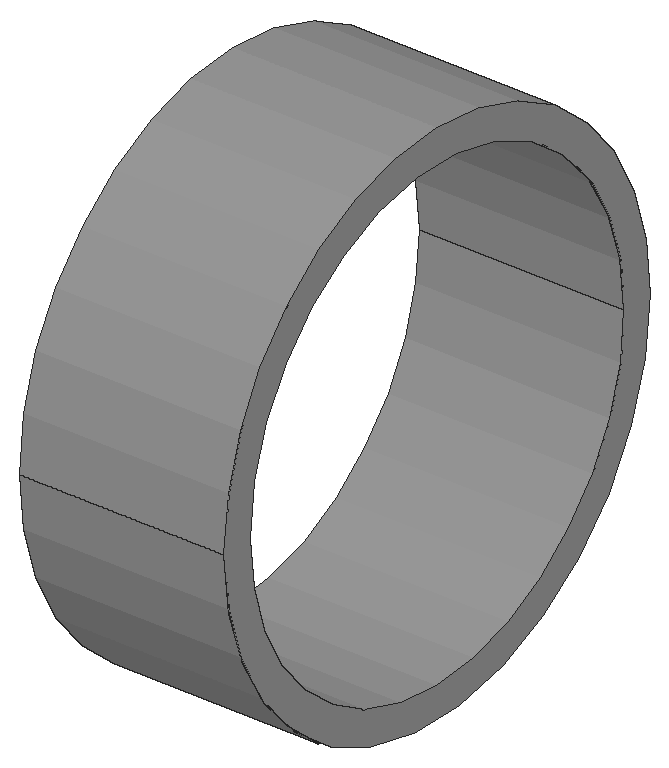
Revit family "PAM-GLOBAL® Хомут Соединительный RAPID-S-W2  (Фланец)", category Соединительные детали трубопроводов, Revit 2015
Parameters (values of type "PAM-GLOBAL® Хомут Соединительный RAPID-S-W2")
  Таблица коэффициентов K = "Converging/Diverging Tee/Wye"
  Размер засечки [instance] = Наружный диаметр фитинга * 0.4  # 44 mm
  Поиск в таблице имен = "M_Coupling - PVC - Sch 40 - DWV"
  Номинальный радиус [instance] = 50 mm
  Номинальный диаметр [instance] = Номинальный радиус * 2  # 100 mm
  Наружный радиус фитинга [instance] = Наружный диаметр фитинга / 2  # 55 mm
  Наружный радиус муфты [instance] = Наружный диаметр муфты / 2  # 62.5 mm
  Наружный диаметр фитинга [instance] = size_lookup(Поиск в таблице имен, "FOD", 1.04 * Номинальный диаметр + 9.1 mm, Номинальный диаметр)  # 110 mm
  Наружный диаметр муфты [instance] = size_lookup(Поиск в таблице имен, "WThk", 0.02 * Номинальный диаметр + 3.3 mm, Номинальный диаметр)  # 125 mm
  Метод определения потерь = Табличный коэффициент K
  Материал = Нержавеющая сталь 1.4510/11
  Код по классификатору = "01 21 10 00"
  Изготовитель = "PAM-GLOBAL (Инрусстрейд)"
  Длина [instance] = size_lookup(Поиск в таблице имен, "Lgt", 1.07 * Номинальный диаметр - 7.8 mm, Номинальный диаметр)  # 48 mm
  Диаметр муфты на входе [instance] = size_lookup(Поиск в таблице имен, "SED", 1.04 * Номинальный диаметр + 9.4 mm, Номинальный диаметр)  # 110 mm
  Артикул [instance] = size_lookup(Поиск в таблице имен, "", "Неопределено", Номинальный диаметр)  # "210427"
  URL = "https://inrusstrade.ru/ru/categories/16/series/41/groups/64"
Reference planes
  plane 1 "По центру (Вперед/Назад)": y = 0
  plane 2: z = 0
  plane 3 "По центру (Влево/Вправо)": x = 0
  plane 4: x = -24
  plane 5: x = 24
  plane 6 "Вход": x = 0
  plane 7 "Выход": x = 0
Forms (mm)
  Sweep 1, solid, material "Нержавеющая сталь 1.4510/11" <- "Материал", detail levels medium+fine
    path in 3D
      loop
        line (-24, 0, 0) -> (24, 0, 0)
    profile origin (0, 0, 0) x (0, 1, 0) y (0, 0, 1)
      loop
        circle (0, 0) r 62.5
      loop
        circle (0, 0) r 55
Lines and regions (mm)
  model lines, detail levels coarse
    curve 1: line (-24, 0, 0) -> (24, 0, 0)
    curve 2: line (24, 0, 0) -> (24, 44, 0)
    curve 3: line (24, 0, 0) -> (24, -44, 0)
    curve 4: line (-24, 0, 0) -> (-24, 44, 0)
    curve 5: line (-24, 0, 0) -> (-24, -44, 0)
  sketch lines
    curve 6: line (-24, 0, 0) -> (24, 0, 0)
Dimensions and locks
  equal spacing: plane 4, plane 3 "По центру (Влево/Вправо)", plane 5
  "Длина": plane 4 to plane 5
  "Размер засечки": plane 1 "По центру (Вперед/Назад)" to curve 4
  "Размер засечки": curve 5 to plane 1 "По центру (Вперед/Назад)"
  "Размер засечки": curve 3 to plane 1 "По центру (Вперед/Назад)"
  "Размер засечки": plane 1 "По центру (Вперед/Назад)" to curve 2
  "Наружный диаметр муфты": diameter of Sweep 1 sketch curve
  "Диаметр муфты на входе": diameter of Sweep 1 sketch curve
  aligned and locked: level to plane 2
  aligned and locked: curve 5 to plane 4
  aligned and locked: curve 3 to plane 5
  aligned and locked: plane 1 "По центру (Вперед/Назад)" to curve 1
Automatic sketch dimensions
  Sweep 1 sketch curve to Sweep 1 sketch curve = 0 mm  (x2)
  Sweep 1 sketch curve to profile plane = 0 mm  (x2)
Connectors
  piping at (0, 0, 0), diameter 100, driven by "Номинальный радиус"
    settings: index 1, connector inside diameter 609.6 mm, connector length 0 mm, flow factor 0, pipe flow 0.0 L/s, pressure drop 0.0 Pa, fitting loss kfactor 0, connector angle 0.00°, fixture units 0, engagement length 0 mm, angle of deflection 0.00°, flow configuration 0, flow direction 0, fitting loss method 0, system type 28, joint type 0, gender type 0, connector reference index -1, connector utility 0, adjustable connector no, is connector primary yes, connector description ""
  piping at (0, 0, 0), diameter 100, driven by "Номинальный радиус"
    settings: index 2, connector inside diameter 609.6 mm, connector length 0 mm, flow factor 0, pipe flow 0.0 L/s, pressure drop 0.0 Pa, fitting loss kfactor 0, connector angle 0.00°, fixture units 0, engagement length 0 mm, angle of deflection 0.00°, flow configuration 0, flow direction 0, fitting loss method 0, system type 28, joint type 0, gender type 0, connector reference index -1, connector utility 0, adjustable connector no, is connector primary no, connector description ""
